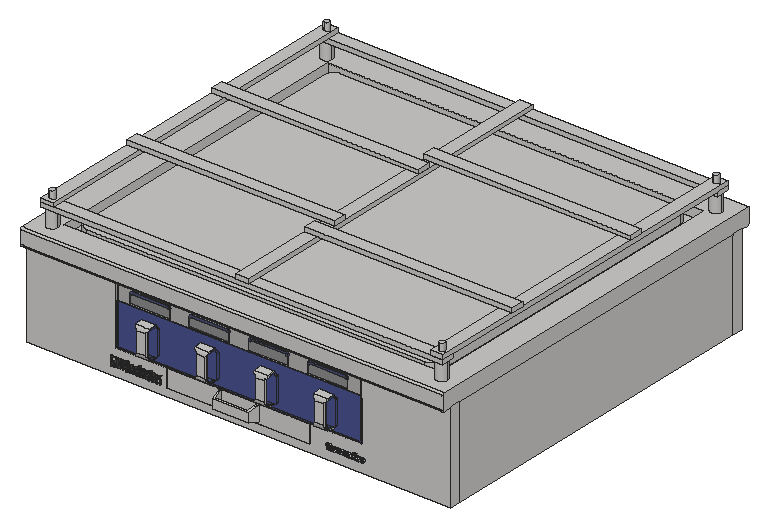
Revit family "QF_ELECTROLUXPROFESSIONAL_589870_MCLCAAJODM", category Specialty Equipment, Revit 2014 (continued)
Definition of nested family "QF_ELECTROLUXPROFESSIONAL_MARINE1000x900_1"
  Forms (mm)
    Extrusion 5, solid, material "QF_Finishes_Stainless Steel"
      sketch origin (0, -1, 940) x (0, 1, 0) y (-1, 0, 0)
        loop
          circle (-44, -860) r 6.5
      from 0 to 35
  Lines and regions (mm)
    symbolic lines
      curve 1: line (-100, 0, 200) -> (900, 0, 200)
      curve 2: line (-100, -900, 200) -> (-100, 0, 200)
      curve 3: line (900, -900, 200) -> (-100, -900, 200)
      curve 4: line (900, 0, 200) -> (900, -900, 200)
      curve 5: line (-75, -30, 900) -> (-45, -30, 900)
      curve 6: line (-75, -870, 900) -> (-75, -30, 900)
      curve 7: line (-45, -870, 900) -> (-75, -870, 900)
      curve 8: line (-45, -30, 900) -> (-45, -336, 900)
      curve 9: line (875, -30, 900) -> (845, -30, 900)
      curve 10: line (875, -870, 900) -> (875, -30, 900)
      curve 11: line (845, -870, 900) -> (875, -870, 900)
      curve 12: line (845, -30, 900) -> (845, -286, 900)
      curve 13: line (-75, -336, 900) -> (415, -336, 900)
      curve 14: line (-75, -366, 900) -> (415, -366, 900)
      curve 15: line (-75, -586, 900) -> (415, -586, 900)
      curve 16: line (-75, -616, 900) -> (415, -616, 900)
      curve 17: line (385, -286, 900) -> (875, -286, 900)
      curve 18: line (385, -316, 900) -> (875, -316, 900)
      curve 19: line (385, -636, 900) -> (875, -636, 900)
      curve 20: line (385, -666, 900) -> (875, -666, 900)
      curve 21: line (415, -870, 900) -> (415, -666, 900)
      curve 22: line (385, -870, 900) -> (385, -616, 900)
      curve 23: line (415, -636, 900) -> (415, -316, 900)
      curve 24: line (385, -586, 900) -> (385, -366, 900)
      curve 25: line (385, -336, 900) -> (385, -30, 900)
      curve 26: line (415, -286, 900) -> (415, -30, 900)
      curve 27: line (-45, -30, 900) -> (845, -30, 900)
      curve 28: line (-45, -870, 900) -> (845, -870, 900)
      curve 29: line (-45, -840, 900) -> (385, -840, 900)
      curve 30: line (415, -840, 900) -> (845, -840, 900)
      curve 31: line (-45, -60, 900) -> (385, -60, 900)
      curve 32: line (415, -60, 900) -> (845, -60, 900)
      curve 33: line (-45, -366, 900) -> (-45, -586, 900)
      curve 34: line (-45, -616, 900) -> (-45, -870, 900)
      curve 35: line (845, -666, 900) -> (845, -870, 900)
      curve 36: line (845, -316, 900) -> (845, -636, 900)
  Dimensions and locks
    plane 3 "LEFT" to plane 4 "RIGHT" = 1000 mm
    plane 5 "FRONT" to plane 1 "BACK" = 900 mm
    plane 3 "LEFT" to plane 7 "Center (Left/Right)" to plane 4 "RIGHT" = 500 mm, 500 mm
    equal spacing: plane 5 "FRONT", plane 8, plane 1 "BACK"
    plane 6 "TOP" to level = 900 mm  (x2)
    plane 9 to level = 200 mm
    plane 1 "BACK" to plane 10 to plane 11 "Panel" = 150 mm, 705 mm  (x2)
    plane 6 "TOP" to plane 9 to level = 700 mm, 200 mm
    plane 1 "BACK" to plane 5 "FRONT" = 900 mm
    plane 12 to plane 9 = 598 mm
    plane 13 to plane 6 "TOP" = 75 mm
    plane 6 "TOP" to plane 12 = 102 mm
    plane 14 to plane 3 "LEFT" = 78 mm
    plane 15 to plane 4 "RIGHT" = 78 mm
    locked: plane 1 "BACK" to plane 16 at 150
    locked: plane 16 to plane 17 at 500
    plane 11 "Panel" to plane 5 "FRONT" = 45 mm
    plane 18 "EIx" to plane 4 "RIGHT" = 45 mm
    plane 19 "EIy" to plane 1 "BACK" = 685 mm
    locked: plane 11 "Panel" to plane 20 at 25
    aligned and locked: level to plane 2
  Automatic sketch dimensions
    plane 1 "BACK" to curve 1 = 0 mm
    curve 1 to plane 4 "RIGHT" = 0 mm
    curve 3 to plane 3 "LEFT" = 0 mm
    plane 5 "FRONT" to curve 3 = 0 mm
    Extrusion 1 sketch curve to plane 11 "Panel" = 0 mm  (x2)
    Extrusion 1 sketch curve to plane 20 = 10 mm
    plane 11 "Panel" to Extrusion 1 sketch curve = 15 mm
    Extrusion 1 sketch curve to plane 18 "EIx" = 20 mm  (x2)
    plane 1 "BACK" to Extrusion 1 sketch curve = 60 mm
    Extrusion 1 sketch curve to Extrusion 1 sketch curve = 15 mm  (x5)
    Extrusion 1 sketch curve to plane 18 "EIx" = 5 mm  (x2)
    plane 14 to Extrusion 1 sketch curve = 38 mm  (x2)
    Extrusion 2 sketch curve to plane 11 "Panel" = 0 mm  (x2)
    Extrusion 2 sketch curve to plane 20 = 10 mm  (x3)
    Extrusion 2 sketch curve to plane 18 "EIx" = 5 mm  (x2)
    plane 1 "BACK" to Extrusion 2 sketch curve = 45 mm  (x2)
    plane 1 "BACK" to Extrusion 2 sketch curve = 30 mm
    Extrusion 2 sketch curve to Extrusion 2 sketch curve = 15 mm  (x5)
    Extrusion 2 sketch curve to plane 18 "EIx" = 20 mm
    plane 18 "EIx" to Extrusion 2 sketch curve = 10 mm
    plane 7 "Center (Left/Right)" to Extrusion 2 sketch curve = 15 mm
    Extrusion 2 sketch curve to plane 7 "Center (Left/Right)" = 15 mm
    plane 14 to Extrusion 2 sketch curve = 23 mm
    plane 17 to Extrusion 3 sketch curve = 16 mm
    Extrusion 3 sketch curve to plane 17 = 14 mm
    Extrusion 3 sketch curve to plane 17 = 34 mm
    Extrusion 3 sketch curve to Extrusion 3 sketch curve = 30 mm  (x3)
    plane 3 "LEFT" to Extrusion 3 sketch curve = 25 mm  (x2)
    plane 8 to Extrusion 3 sketch curve = 84 mm
    Extrusion 3 sketch curve to plane 7 "Center (Left/Right)" = 15 mm  (x2)
    Extrusion 3 sketch curve to Extrusion 3 sketch curve = 20 mm
    plane 7 "Center (Left/Right)" to Extrusion 3 sketch curve = 15 mm  (x2)
    Extrusion 3 sketch curve to plane 18 "EIx" = 20 mm  (x2)
    Extrusion 4 sketch curve to plane 11 "Panel" = 0 mm  (x2)
    Extrusion 4 sketch curve to plane 18 "EIx" = 5 mm  (x2)
    plane 14 to Extrusion 4 sketch curve = 38 mm  (x2)
    plane 1 "BACK" to Extrusion 4 sketch curve = 45 mm  (x2)
    Extrusion 5 sketch curve to plane 11 "Panel" = 0 mm  (x2)
    Extrusion 5 sketch curve to plane 18 "EIx" = 5 mm  (x2)
    plane 1 "BACK" to Extrusion 5 sketch curve = 45 mm  (x2)
    plane 14 to Extrusion 5 sketch curve = 38 mm  (x2)
    curve 11 to plane 18 "EIx" = 20 mm
    plane 18 "EIx" to curve 9 = 10 mm
    plane 18 "EIx" to curve 35 = 10 mm
    curve 28 to plane 20 = 10 mm
    plane 14 to curve 28 = 23 mm
    plane 14 to curve 27 = 23 mm
    plane 3 "LEFT" to curve 7 = 25 mm
    plane 1 "BACK" to curve 27 = 30 mm
    plane 18 "EIx" to curve 36 = 10 mm
    plane 7 "Center (Left/Right)" to curve 23 = 15 mm
    plane 7 "Center (Left/Right)" to curve 26 = 15 mm
    curve 18 to plane 7 "Center (Left/Right)" = 15 mm
    curve 19 to plane 7 "Center (Left/Right)" = 15 mm
    curve 24 to plane 7 "Center (Left/Right)" = 15 mm
    plane 14 to curve 33 = 23 mm
    plane 8 to curve 8 = 114 mm
    curve 13 to curve 14 = 30 mm
    curve 33 to plane 17 = 64 mm
    curve 19 to plane 17 = 14 mm
    plane 11 "Panel" to curve 30 = 15 mm
    plane 11 "Panel" to curve 29 = 15 mm
    curve 12 to plane 10 = 136 mm
    curve 31 to curve 32 = 0 mm
    curve 22 to curve 19 = 20 mm
    plane 7 "Center (Left/Right)" to curve 21 = 15 mm
    plane 17 to curve 21 = 16 mm
    curve 23 to curve 13 = 20 mm
    curve 9 to curve 32 = 30 mm
    radius of Extrusion 1 sketch curve = 6.5 mm  (x4)
    radius of Extrusion 2 sketch curve = 6.5 mm  (x4)
    radius of Extrusion 4 sketch curve = 13 mm  (x4)
    radius of Extrusion 5 sketch curve = 6.5 mm  (x4)
